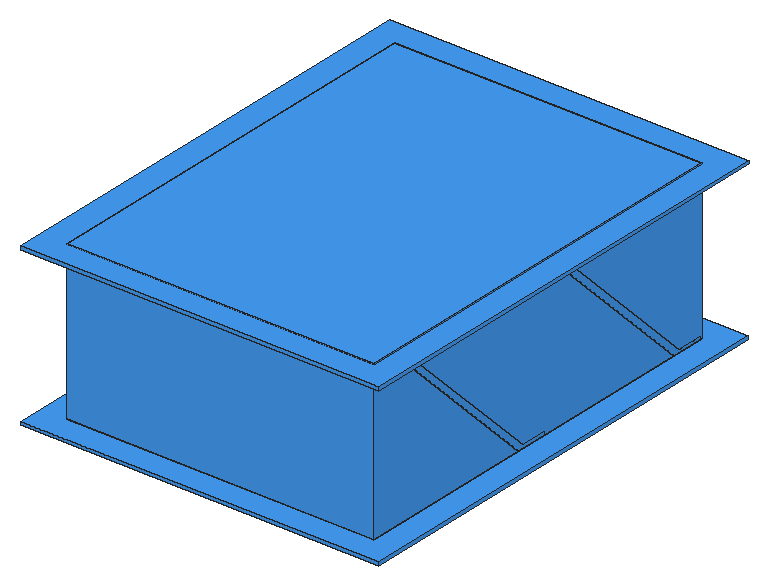
Revit family "e36ed464f2274b90a4316efcf9d02ac5", category Air Terminals, host Face, Revit 2021
Family settings
  Host = Face
  Round Connector Dimension = Use Diameter
  Part Type = Normal
  OmniClass Number = 23.30.60.11.17
  OmniClass Title = Exterior Louvers and Grilles
  Seek Item ID = Louver - Extruded - 8 Inch Pitch-0000-USA-ENU
  Cut with Voids When Loaded = No
  Shared = No
  Room Calculation Point = No
Parameters (values of type "Standard")
  Pressure Drop [instance] = 0.09 in-wg
  Number = Duct Height / 0' 7 13/16"  # 2
  Louver Material = Default
  Half Duct Width = Duct Width / 2  # 6"
  Half Duct Height = Duct Height / 2  # 8"
  Duct Width = 12"
  Duct Height = 16"
  Default Elevation = 4' - 0"
  Assembly Code = ""
  Flow [instance] = Duct Height * Duct Width * 739 FPM / 144  # 6.84259 CFM
Reference planes (in)
  plane 1 "Center (Front/Back)": y = 0
  plane 2: z = 0
  plane 3 "Center (Left/Right)": x = 0
  plane 4: x = -6
  plane 5: x = 6
  plane 6: y = 8
  plane 7: y = -8
  plane 8: x = -7
  plane 9: x = 7
  plane 10: y = 9
  plane 11: y = -9
  plane 12: z = -0.125
  plane 13: z = -6.125
  plane 14: z = -6.25
  plane 15: x = -5.875
  plane 16: x = 5.875
  plane 17: y = 7.875
  plane 18: y = -7.875
Forms (in)
  Extrusion 1, void
    sketch origin (0, 0, 0) x (1, 0, 0) y (0, 1, 0)
      loop
        line (-7, 9) -> (-7, -9) -> (7, -9) -> (7, 9) -> (-7, 9)
    from -6.25 to 0
  Extrusion 2, solid, material "Default" <- "Louver Material"
    sketch origin (0, 0, 0) x (1, 0, 0) y (0, 1, 0)
      loop
        line (-7, 9) -> (-7, -9) -> (7, -9) -> (7, 9) -> (-7, 9)
      loop
        line (-6, 8) -> (-6, -8) -> (6, -8) -> (6, 8) -> (-6, 8)
    from -6.25 to -6.125
  Extrusion 3, solid, material "Default" <- "Louver Material"
    sketch origin (0, 0, 0) x (1, 0, 0) y (0, 1, 0)
      loop
        line (-7, 9) -> (-7, -9) -> (7, -9) -> (7, 9) -> (-7, 9)
      loop
        line (-6, 8) -> (-6, -8) -> (6, -8) -> (6, 8) -> (-6, 8)
    from -0.125 to 0
  Extrusion 4, solid, material "Default" <- "Louver Material"
    sketch origin (0, 0, 0) x (1, 0, 0) y (0, 1, 0)
      loop
        line (-6, 8) -> (-6, -8) -> (6, -8) -> (6, 8) -> (-6, 8)
      loop
        line (-5.875, 7.875) -> (-5.875, -7.875) -> (5.875, -7.875) -> (5.875, 7.875) -> (-5.875, 7.875)
    from -6.125 to -0.125
  Extrusion 5, solid, material "Default" <- "Louver Material"
    sketch origin (0, 0, 0) x (1, 0, 0) y (0, 1, 0)
      loop
        line (-6, 8) -> (-6, -8) -> (6, -8) -> (6, 8) -> (-6, 8)
    from -0.125 to 0
  Extrusion 6, solid, material "Default" <- "Louver Material"
    sketch origin (0, 0, 0) x (1, 0, 0) y (0, 1, 0)
      loop
        line (-6, 8) -> (-6, -8) -> (6, -8) -> (6, 8) -> (-6, 8)
    from -6.25 to -6.125
Dimensions and locks (in)
  equal spacing: plane 4, plane 3 "Center (Left/Right)", plane 5
  "Half Duct Width": plane 4 to plane 3 "Center (Left/Right)"
  equal spacing: plane 6, plane 1 "Center (Front/Back)", plane 7
  "Half Duct Height": plane 7 to plane 1 "Center (Front/Back)"
  locked: plane 8 to plane 4 at 1
  locked: plane 10 to plane 6 at 1
  locked: plane 11 to plane 7 at 1
  locked: plane 5 to plane 9 at 1
  locked: plane 2 to plane 12 at 0.125
  locked: plane 12 to plane 13 at 6
  locked: plane 13 to plane 14 at 0.125
  locked: plane 4 to plane 15 at 0.125
  locked: plane 16 to plane 5 at 0.125
  locked: plane 6 to plane 17 at 0.125
  locked: plane 7 to plane 18 at 0.125
  group 1 to group 2 = 0' - 0"  (x2)
  group 1 to group 2 = 0' - 7 19/32"
  aligned and locked: plane 2 to host face
  aligned and locked: level to host face
  aligned and locked: Extrusion 1 sketch curve to plane 10
  aligned and locked: plane 9 to Extrusion 1 sketch curve
  aligned and locked: Extrusion 1 sketch curve to plane 11
  aligned and locked: plane 8 to Extrusion 1 sketch curve
  aligned and locked: Extrusion 1 to plane 14
  aligned and locked: plane 2 to Extrusion 1
  aligned and locked: Extrusion 2 sketch curve to plane 10
  aligned and locked: Extrusion 2 sketch curve to plane 11
  aligned and locked: plane 9 to Extrusion 2 sketch curve
  aligned and locked: plane 8 to Extrusion 2 sketch curve
  aligned and locked: plane 4 to Extrusion 2 sketch curve
  aligned and locked: Extrusion 2 sketch curve to plane 6
  aligned and locked: Extrusion 2 sketch curve to plane 7
  aligned and locked: Extrusion 2 to plane 14
  aligned and locked: plane 13 to Extrusion 2
  aligned and locked: Extrusion 3 sketch curve to plane 10
  aligned and locked: Extrusion 3 sketch curve to plane 11
  aligned and locked: plane 9 to Extrusion 3 sketch curve
  aligned and locked: plane 8 to Extrusion 3 sketch curve
  aligned and locked: plane 4 to Extrusion 3 sketch curve
  aligned and locked: Extrusion 3 sketch curve to plane 6
  aligned and locked: Extrusion 3 sketch curve to plane 7
  aligned and locked: Extrusion 3 sketch curve to plane 5
  aligned and locked: Extrusion 3 to plane 2
  aligned and locked: Extrusion 3 to plane 12
  aligned and locked: Extrusion 4 sketch curve to plane 6
  aligned and locked: plane 4 to Extrusion 4 sketch curve
  aligned and locked: Extrusion 4 sketch curve to plane 7
  aligned and locked: Extrusion 4 sketch curve to plane 5
  aligned and locked: Extrusion 4 sketch curve to plane 18
  aligned and locked: plane 15 to Extrusion 4 sketch curve
  aligned and locked: Extrusion 4 sketch curve to plane 17
  aligned and locked: plane 16 to Extrusion 4 sketch curve
  aligned and locked: Extrusion 4 to plane 12
  aligned and locked: Extrusion 4 to plane 13
  aligned and locked: plane 18 to nested 1
  aligned and locked: plane 12 to nested 1
  aligned and locked: plane 17 to nested 2
  aligned and locked: nested 2 to plane 13
  aligned and locked: Extrusion 5 sketch curve to plane 6
  aligned and locked: Extrusion 5 sketch curve to plane 7
  aligned and locked: plane 4 to Extrusion 5 sketch curve
  aligned and locked: Extrusion 5 sketch curve to plane 5
  aligned and locked: Extrusion 5 to plane 12
  aligned and locked: plane 2 to Extrusion 5
  aligned and locked: Extrusion 6 sketch curve to plane 6
  aligned and locked: Extrusion 6 sketch curve to plane 5
  aligned and locked: Extrusion 6 sketch curve to plane 7
  aligned and locked: plane 4 to Extrusion 6 sketch curve
  aligned and locked: Extrusion 6 to plane 14
  aligned and locked: plane 13 to Extrusion 6
Automatic sketch dimensions
  Extrusion 2 sketch curve to plane 5 = 0' - 0"
  host sketch curve to host sketch curve = 7' - 1.10777"
  host sketch curve to host sketch curve = 8' - 0"
Nested families (in)
  nested 1: "8 Inch Pitch Extruded Louver_Blade" at (0, -7.875, 0), type "Blade"
  nested 2: "8 Inch Pitch Extruded Louver_Blade" at (0, -0.28125, 0), type "Blade"
Connectors (in)
  hvac at (0, 0, -6.25), driven by "Pressure Drop", driven by "Flow", driven by "Duct Height", driven by "Duct Width"
    settings: on Extrusion 2, index 1, duct flow 6.84259 CFM, flow factor 0, pres drop 0.09 in-wg, loss coef 0, conn angle 0.00°, conn width 12", conn height 16", conn diameter 24", duct sys type 2, conn prof type 1, flow config 1, flow direction 2, loss method 4, conn ref index -1, conn util no, is conn primary yes, conn desc ""
Definition of nested family "8 Inch Pitch Extruded Louver_Blade"
  Parameters
    Louver Material = none
    Duct Width = 12"
    Default Elevation = 0' - 0"
    Assembly Code = ""
  Reference planes (in)
    plane 1 "Center (Front/Back)": y = 0
    plane 2: z = 0
    plane 3 "Center (Left/Right)": x = 0
    plane 4: x = -6
    plane 5: x = 6
    plane 6: z = -0.125
    plane 7: z = -6.125
    plane 8: z = -0.25
    plane 9: y = 1.25
    plane 10: y = 1.03125
    plane 11: y = 7.125
    plane 12: y = 8.15625
    plane 13: y = 6.90625
    plane 14: z = -6
    plane 15: through (0, 1.03125, -0.25) normal (0, -0.7071, -0.7071)
    plane 16: through (0, 7.125, -6) normal (0, 0.7071, 0.7071)
  Forms (in)
    Extrusion 1, solid, material <- "Louver Material"
      sketch origin (0, 0, 0) x (0, 1, 0) y (0, 0, 1)
        loop
          line (1.25, -0.125) -> (0, -0.125) -> (0, -0.25) -> (1.03125, -0.25) -> (6.90625, -6.125) -> (8.15625, -6.125) -> (8.15625, -6) -> (7.125, -6) -> (1.25, -0.125)
      from -6 to 6
  Dimensions and locks (in)
    equal spacing: plane 4, plane 3 "Center (Left/Right)", plane 5
    "Duct Width": plane 4 to plane 5
    locked: plane 2 to plane 6 at 0.125
    locked: plane 6 to plane 7 at 6
    locked: plane 6 to plane 8 at 0.125
    locked: plane 9 to plane 1 "Center (Front/Back)" at 1.25
    locked: plane 10 to plane 1 "Center (Front/Back)" at 1.03125
    locked: plane 11 to plane 9 at 5.875
    locked: plane 12 to plane 11 at 1.03125
    locked: plane 12 to plane 13 at 1.25
    locked: plane 14 to plane 7 at 0.125
    aligned and locked: plane 12 to Extrusion 1 sketch curve
    aligned and locked: plane 7 to Extrusion 1 sketch curve
    aligned and locked: Extrusion 1 sketch curve to plane 14
    aligned and locked: Extrusion 1 sketch curve to plane 16
    aligned and locked: plane 11 to Extrusion 1 sketch curve
    aligned and locked: Extrusion 1 sketch curve to plane 15
    aligned and locked: plane 13 to Extrusion 1 sketch curve
    aligned and locked: plane 9 to Extrusion 1 sketch curve
    aligned and locked: plane 6 to Extrusion 1 sketch curve
    aligned and locked: plane 10 to Extrusion 1 sketch curve
    aligned and locked: plane 8 to Extrusion 1 sketch curve
    aligned and locked: Extrusion 1 sketch curve to plane 1 "Center (Front/Back)"
    aligned and locked: Extrusion 1 to plane 4
    aligned and locked: plane 5 to Extrusion 1
